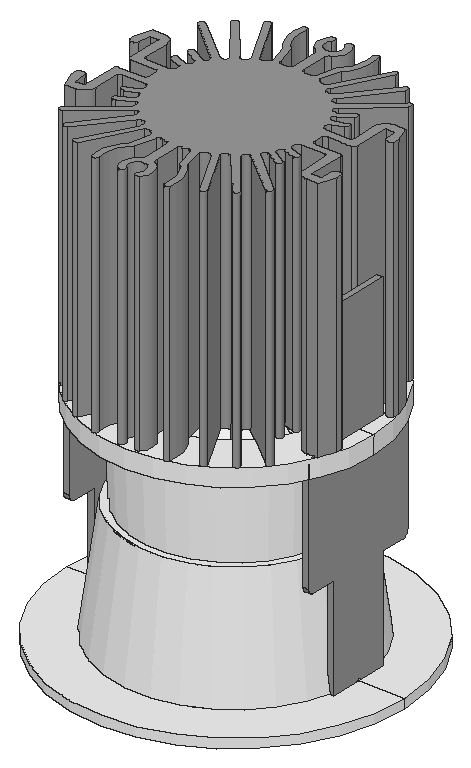
Revit family "Artemide_Everything_55", category Lighting Fixtures, Revit 2018 (continued)
Types (72, lengths in mm): name | Wattage | V_Square | V_Round | Radius_RoundVoidReal | Photometric Web File | built-in parameter 1150142 | M_Louvre | M_HousingLed | built-in parameter 1150105 | Lumens | built-in parameter 1150107 | built-in parameter 1150106 | Product Model Number | Overall Width | Overall Height | Output Lumens Direct light | Input Lumens Direct light | Initial Lumens | IES Files  | Housing Colour  | Face Shape | Efficiency | built-in parameter 1150104 | Distance_SquareVoidReal | Cut Out Length | Colour Temperature | Angle_LightReal | Angle_LightRange | Angle_Light | Adjustable
  Everything_55_Square_20°_3000K_Silver_NL4203418K002 | 6.4 W | yes | no | 0.3 | "NL4203418K002.IES" | "IESNA:LM-63-2002\r\n[TEST] FTS1500301\r\n[TESTLAB] ARTEMIDE\r\n[TESTDATE] 17 Feb 2015\r\n[ISSUEDATE] 17 Feb 2015\r\n[MANUFAC] ARTEMIDE\r\n[LUMCAT] NL4203418K002\r\n[LUMINAIRE] Everything 55 square 20° - cornice grigia - 3000K\r\n[FLASHAREA] 0.000233\r\n[LAMPCAT] 3000K - Imax=7991 cd/klm - LED Flux=566 lm - LED Power=6.4 W - Eff=84 % - EfcLED=89 lm/W - EfcLum=75 lm/W - Ra=80 min - SDCM=2 - Life=L70(6K)>51,400 ore\r\n[LAMP] 3000K - Imax=7991 cd/klm - LED Flux=566 lm - LED Power=6.4 W - Eff=84 % - EfcLED=89 lm/W - EfcLum=75 lm/W - Ra=80 min - SDCM=2 - Life=L70(6K)>51,400 ore\r\nTILT=NONE\r\n1 476.00 1.0 91 1 1 2 -0.035 -0.035 0.000\r\n1.00 1.00 6.40\r\n0.00 1.00 2.00 3.00 4.00 5.00 6.00 7.00 8.00 9.00 10.00 \r\n11.00 12.00 13.00 14.00 15.00 16.00 17.00 18.00 19.00 \r\n20.00 21.00 22.00 23.00 24.00 25.00 26.00 27.00 28.00 \r\n29.00 30.00 31.00 32.00 33.00 34.00 35.00 36.00 37.00 \r\n38.00 39.00 40.00 41.00 42.00 43.00 44.00 45.00 46.00 \r\n47.00 48.00 49.00 50.00 51.00 52.00 53.00 54.00 55.00 \r\n56.00 57.00 58.00 59.00 60.00 61.00 62.00 63.00 64.00 \r\n65.00 66.00 67.00 68.00 69.00 70.00 71.00 72.00 73.00 \r\n74.00 75.00 76.00 77.00 78.00 79.00 80.00 81.00 82.00 \r\n83.00 84.00 85.00 86.00 87.00 88.00 89.00 90.00 \r\n0.00 \r\n3803.93 3777.27 3690.60 3550.18 3366.44 3154.65 2923.75 \r\n2678.21 2424.20 2162.42 1899.21 1638.11 1367.87 1110.89 \r\n869.78 662.10 489.25 352.51 250.30 175.61 122.98 86.78 \r\n62.72 47.09 36.35 28.46 22.54 17.72 14.19 11.49 9.56 8.23 \r\n6.95 5.35 3.78 2.58 1.81 1.53 1.19 0.85 0.52 0.37 0.27 \r\n0.20 0.00 0.00 0.00 0.00 0.00 0.00 0.00 0.00 0.00 0.00 \r\n0.00 0.00 0.00 0.00 0.00 0.00 0.00 0.00 0.00 0.00 0.00 \r\n0.00 0.00 0.00 0.00 0.00 0.00 0.00 0.00 0.00 0.00 0.00 \r\n0.00 0.00 0.00 0.00 0.00 0.00 0.00 0.00 0.00 0.00 0.00 \r\n0.00 0.00 0.00 0.00 \r\n" | Artemide_Aluminum_BrushedSilver | Artemide_Aluminum_BrushedSilver | 40.402 (stored number, unit not read) | 507.712 lm | 3000 (stored number, unit not read) | 0.40402 (stored number, unit not read) | "NL4203418K002" | 55 | 78 | 476 | 566 | 476 | "https://www.artemide.com/product/downloadFile/2375982/ieseu/4916721" | "Silver" | "Square" | 84 | 7.37 (stored number, unit not read) | 40.48 | 78 | 3000 | 90.00° | 60.00° | 60.00° | no
  Everything_55_Square_34°_3000K_White_NL4203434K006 | 6.4 W | yes | no | 0.3 | "NL4203434K006.IES" | "IESNA:LM-63-2002\r\n[TEST] FTS1500299\r\n[TESTLAB] ARTEMIDE\r\n[TESTDATE] 17 Feb 2015\r\n[ISSUEDATE] 17 Feb 2015\r\n[MANUFAC] ARTEMIDE\r\n[LUMCAT] NL4203434K006\r\n[LUMINAIRE] Everything 55 square 34° - cornice bianca - 3000K\r\n[FLASHAREA] 0.000233\r\n[LAMPCAT] 3000K - Imax=2814 cd/klm - LED Flux=566 lm - LED Power=6.4 W - Eff=78 % - EfcLED=89 lm/W - EfcLum=69 lm/W - Ra=80 min - SDCM=2 - Life=L70(6K)>51,400 ore\r\n[LAMP] 3000K - Imax=2814 cd/klm - LED Flux=566 lm - LED Power=6.4 W - Eff=78 % - EfcLED=89 lm/W - EfcLum=69 lm/W - Ra=80 min - SDCM=2 - Life=L70(6K)>51,400 ore\r\nTILT=NONE\r\n1 442.00 1.0 91 1 1 2 -0.035 -0.035 0.000\r\n1.00 1.00 6.40\r\n0.00 1.00 2.00 3.00 4.00 5.00 6.00 7.00 8.00 9.00 10.00 \r\n11.00 12.00 13.00 14.00 15.00 16.00 17.00 18.00 19.00 \r\n20.00 21.00 22.00 23.00 24.00 25.00 26.00 27.00 28.00 \r\n29.00 30.00 31.00 32.00 33.00 34.00 35.00 36.00 37.00 \r\n38.00 39.00 40.00 41.00 42.00 43.00 44.00 45.00 46.00 \r\n47.00 48.00 49.00 50.00 51.00 52.00 53.00 54.00 55.00 \r\n56.00 57.00 58.00 59.00 60.00 61.00 62.00 63.00 64.00 \r\n65.00 66.00 67.00 68.00 69.00 70.00 71.00 72.00 73.00 \r\n74.00 75.00 76.00 77.00 78.00 79.00 80.00 81.00 82.00 \r\n83.00 84.00 85.00 86.00 87.00 88.00 89.00 90.00 \r\n0.00 \r\n1243.99 1242.87 1238.08 1228.38 1213.95 1194.58 1170.39 \r\n1140.32 1105.03 1064.11 1019.34 969.89 916.44 859.74 \r\n801.23 742.10 682.13 623.41 569.35 516.57 464.71 415.54 \r\n366.89 321.28 276.77 235.06 196.46 161.39 126.29 92.87 \r\n69.95 55.58 45.06 37.14 30.36 24.91 19.99 15.84 12.47 \r\n9.75 7.84 6.72 5.96 5.20 4.84 4.48 4.30 4.12 3.81 3.51 \r\n3.27 3.03 2.99 2.95 2.91 2.83 2.51 2.06 1.78 1.49 1.33 \r\n1.13 0.99 0.00 0.00 0.00 0.00 0.00 0.00 0.00 0.00 0.00 \r\n0.00 0.00 0.00 0.00 0.00 0.00 0.00 0.00 0.00 0.00 0.00 \r\n0.00 0.00 0.00 0.00 0.00 0.00 0.00 0.00 \r\n" | Artemide_Aluminum_White | Artemide_Aluminum_White | 37.52 (stored number, unit not read) | 471.488 lm | 3000 (stored number, unit not read) | 0.3752 (stored number, unit not read) | "NL4203434K006" | 55 | 78 | 442 | 566 | 442 | "https://www.artemide.com/product/downloadFile/2376456/ieseu/4916934" | "White" | "Square" | 78 | 6.8442 (stored number, unit not read) | 40.48 | 78 | 3000 | 90.00° | 60.00° | 60.00° | no
  Everything_55_Square_34°_3000K_Black_NL4203434K004 | 6.4 W | yes | no | 0.3 | "NL4203434K004.IES" | "IESNA:LM-63-2002\r\n[TEST] FTS1500307\r\n[TESTLAB] ARTEMIDE\r\n[TESTDATE] 16 Feb 2015\r\n[ISSUEDATE] 16 Feb 2015\r\n[MANUFAC] ARTEMIDE\r\n[LUMCAT] NL4203434K004\r\n[LUMINAIRE] Everything 55 square 34° - cornice nera - 3000K\r\n[FLASHAREA] 0.000233\r\n[LAMPCAT] 3000K - Imax=2862 cd/klm - LED Flux=566 lm - LED Power=6.4 W - Eff=75 % - EfcLED=89 lm/W - EfcLum=69 lm/W - Ra=80 min - SDCM=2 - Life=L70(6K)>51,400 ore\r\n[LAMP] 3000K - Imax=2862 cd/klm - LED Flux=566 lm - LED Power=6.4 W - Eff=75 % - EfcLED=89 lm/W - EfcLum=69 lm/W - Ra=80 min - SDCM=2 - Life=L70(6K)>51,400 ore\r\nTILT=NONE\r\n1 425.00 1.0 91 1 1 2 -0.035 -0.035 0.000\r\n1.00 1.00 6.40\r\n0.00 1.00 2.00 3.00 4.00 5.00 6.00 7.00 8.00 9.00 10.00 \r\n11.00 12.00 13.00 14.00 15.00 16.00 17.00 18.00 19.00 \r\n20.00 21.00 22.00 23.00 24.00 25.00 26.00 27.00 28.00 \r\n29.00 30.00 31.00 32.00 33.00 34.00 35.00 36.00 37.00 \r\n38.00 39.00 40.00 41.00 42.00 43.00 44.00 45.00 46.00 \r\n47.00 48.00 49.00 50.00 51.00 52.00 53.00 54.00 55.00 \r\n56.00 57.00 58.00 59.00 60.00 61.00 62.00 63.00 64.00 \r\n65.00 66.00 67.00 68.00 69.00 70.00 71.00 72.00 73.00 \r\n74.00 75.00 76.00 77.00 78.00 79.00 80.00 81.00 82.00 \r\n83.00 84.00 85.00 86.00 87.00 88.00 89.00 90.00 \r\n0.00 \r\n1216.37 1213.87 1211.37 1203.20 1190.75 1173.50 1151.49 \r\n1123.39 1089.81 1050.01 1005.91 957.51 904.01 848.38 \r\n789.52 729.84 670.82 613.28 558.60 505.86 455.53 406.40 \r\n358.19 313.14 268.91 227.31 188.89 153.11 116.57 85.09 \r\n63.89 50.28 40.45 32.52 26.01 20.55 15.74 11.75 8.40 5.84 \r\n4.00 2.96 1.93 1.43 0.84 0.25 0.12 0.06 0.00 0.00 0.00 \r\n0.00 0.00 0.00 0.00 0.00 0.00 0.00 0.00 0.00 0.00 0.00 \r\n0.00 0.00 0.00 0.00 0.00 0.00 0.00 0.00 0.00 0.00 0.00 \r\n0.00 0.00 0.00 0.00 0.00 0.00 0.00 0.00 0.00 0.00 0.00 \r\n0.00 0.00 0.00 0.00 0.00 0.00 0.00 \r\n" | Artemide_Aluminum_Black | Artemide_Aluminum_Black | 37.52 (stored number, unit not read) | 471.488 lm | 3000 (stored number, unit not read) | 0.3752 (stored number, unit not read) | "NL4203434K004" | 55 | 78 | 425 | 566 | 425 | "https://www.artemide.com/product/downloadFile/2376688/ieseu/4916749" | "Black" | "Square" | 78 | 6.8442 (stored number, unit not read) | 40.48 | 78 | 3000 | 90.00° | 60.00° | 60.00° | no
  Everything_55_Square_34°_3000K_Silver_NL4203434K002 | 6.4 W | yes | no | 0.3 | "NL4203434K002.IES" | "IESNA:LM-63-2002\r\n[TEST] FTS1500303\r\n[TESTLAB] ARTEMIDE\r\n[TESTDATE] 17 Feb 2015\r\n[ISSUEDATE] 17 Feb 2015\r\n[MANUFAC] ARTEMIDE\r\n[LUMCAT] NL4203434K002\r\n[LUMINAIRE] Everything 55 square 34° - cornice grigia - 3000K\r\n[FLASHAREA] 0.000233\r\n[LAMPCAT] 3000K - Imax=2846 cd/klm - LED Flux=566 lm - LED Power=6.4 W - Eff=77 % - EfcLED=89 lm/W - EfcLum=69 lm/W - Ra=80 min - SDCM=2 - Life=L70(6K)>51,400 ore\r\n[LAMP] 3000K - Imax=2846 cd/klm - LED Flux=566 lm - LED Power=6.4 W - Eff=77 % - EfcLED=89 lm/W - EfcLum=69 lm/W - Ra=80 min - SDCM=2 - Life=L70(6K)>51,400 ore\r\nTILT=NONE\r\n1 436.00 1.0 91 1 1 2 -0.035 -0.035 0.000\r\n1.00 1.00 6.40\r\n0.00 1.00 2.00 3.00 4.00 5.00 6.00 7.00 8.00 9.00 10.00 \r\n11.00 12.00 13.00 14.00 15.00 16.00 17.00 18.00 19.00 \r\n20.00 21.00 22.00 23.00 24.00 25.00 26.00 27.00 28.00 \r\n29.00 30.00 31.00 32.00 33.00 34.00 35.00 36.00 37.00 \r\n38.00 39.00 40.00 41.00 42.00 43.00 44.00 45.00 46.00 \r\n47.00 48.00 49.00 50.00 51.00 52.00 53.00 54.00 55.00 \r\n56.00 57.00 58.00 59.00 60.00 61.00 62.00 63.00 64.00 \r\n65.00 66.00 67.00 68.00 69.00 70.00 71.00 72.00 73.00 \r\n74.00 75.00 76.00 77.00 78.00 79.00 80.00 81.00 82.00 \r\n83.00 84.00 85.00 86.00 87.00 88.00 89.00 90.00 \r\n0.00 \r\n1240.95 1240.02 1234.86 1225.15 1210.71 1191.73 1167.39 \r\n1137.35 1102.31 1060.95 1015.93 966.51 912.77 856.31 \r\n796.79 736.59 678.55 620.93 565.45 512.44 462.16 412.85 \r\n364.37 319.29 275.00 233.40 195.04 156.43 119.09 89.05 \r\n67.78 54.33 44.26 36.34 29.67 24.05 19.21 15.18 11.64 \r\n9.00 7.01 5.73 4.62 4.16 3.71 3.35 3.15 2.86 2.58 2.22 \r\n1.91 1.70 1.49 1.38 1.27 0.99 0.65 0.00 0.00 0.00 0.00 \r\n0.00 0.00 0.00 0.00 0.00 0.00 0.00 0.00 0.00 0.00 0.00 \r\n0.00 0.00 0.00 0.00 0.00 0.00 0.00 0.00 0.00 0.00 0.00 \r\n0.00 0.00 0.00 0.00 0.00 0.00 0.00 0.00 \r\n" | Artemide_Aluminum_BrushedSilver | Artemide_Aluminum_BrushedSilver | 37.52 (stored number, unit not read) | 471.488 lm | 3000 (stored number, unit not read) | 0.3752 (stored number, unit not read) | "NL4203434K002" | 55 | 78 | 436 | 566 | 436 | "https://www.artemide.com/product/downloadFile/2376809/ieseu/4916687" | "Silver" | "Square" | 78 | 6.8442 (stored number, unit not read) | 40.48 | 78 | 3000 | 90.00° | 60.00° | 60.00° | no
  Everything_55_Square_Adj_20°_3000K_White_NL4203218K006 | 6.4 W | yes | no | 0.3 | "NL4203218K006.IES" | "IESNA:LM-63-2002\r\n[TEST] FTS1500321\r\n[TESTLAB] ARTEMIDE\r\n[TESTDATE] 17 Feb 2015\r\n[ISSUEDATE] 17 Feb 2015\r\n[MANUFAC] ARTEMIDE\r\n[LUMCAT] NL4203218K006\r\n[LUMINAIRE] Everything 55 square adjustable 20° - cornice bianca - 3000K\r\n[FLASHAREA] 0.000233\r\n[LAMPCAT] 3000K - Imax=8058 cd/klm - LED Flux=566 lm - LED Power=6.4 W - Eff=84 % - EfcLED=89 lm/W - EfcLum=75 lm/W - Ra=80 min - SDCM=2 - Life=L70(6K)>51,400 ore\r\n[LAMP] 3000K - Imax=8058 cd/klm - LED Flux=566 lm - LED Power=6.4 W - Eff=84 % - EfcLED=89 lm/W - EfcLum=75 lm/W - Ra=80 min - SDCM=2 - Life=L70(6K)>51,400 ore\r\nTILT=NONE\r\n1 476.00 1.0 91 1 1 2 -0.035 -0.035 0.000\r\n1.00 1.00 6.40\r\n0.00 1.00 2.00 3.00 4.00 5.00 6.00 7.00 8.00 9.00 10.00 \r\n11.00 12.00 13.00 14.00 15.00 16.00 17.00 18.00 19.00 \r\n20.00 21.00 22.00 23.00 24.00 25.00 26.00 27.00 28.00 \r\n29.00 30.00 31.00 32.00 33.00 34.00 35.00 36.00 37.00 \r\n38.00 39.00 40.00 41.00 42.00 43.00 44.00 45.00 46.00 \r\n47.00 48.00 49.00 50.00 51.00 52.00 53.00 54.00 55.00 \r\n56.00 57.00 58.00 59.00 60.00 61.00 62.00 63.00 64.00 \r\n65.00 66.00 67.00 68.00 69.00 70.00 71.00 72.00 73.00 \r\n74.00 75.00 76.00 77.00 78.00 79.00 80.00 81.00 82.00 \r\n83.00 84.00 85.00 86.00 87.00 88.00 89.00 90.00 \r\n0.00 \r\n3835.70 3811.54 3722.97 3579.25 3390.25 3174.12 2937.36 \r\n2687.47 2432.02 2169.98 1904.67 1634.92 1363.71 1105.36 \r\n867.10 658.58 485.13 347.55 245.55 171.43 120.13 84.52 \r\n61.07 45.79 35.35 27.74 21.95 17.26 13.97 11.31 9.45 8.19 \r\n6.85 5.52 3.76 2.54 2.07 1.80 1.57 1.29 1.02 0.77 0.62 \r\n0.00 0.00 0.00 0.00 0.00 0.00 0.00 0.00 0.00 0.00 0.00 \r\n0.00 0.00 0.00 0.00 0.00 0.00 0.00 0.00 0.00 0.00 0.00 \r\n0.00 0.00 0.00 0.00 0.00 0.00 0.00 0.00 0.00 0.00 0.00 \r\n0.00 0.00 0.00 0.00 0.00 0.00 0.00 0.00 0.00 0.00 0.00 \r\n0.00 0.00 0.00 0.00 \r\n" | Artemide_Aluminum_White | Artemide_Aluminum_White | 40.402 (stored number, unit not read) | 507.712 lm | 3000 (stored number, unit not read) | 0.40402 (stored number, unit not read) | "NL4203218K006" | 55 | 82 | 476 | 566 | 476 | "https://www.artemide.com/product/downloadFile/2377283/ieseu/4917180" | "White" | "Square" | 84 | 7.37 (stored number, unit not read) | 40.48 | 82 | 3000 | 60.00° | 60.00° | 60.00° | yes
  Everything_55_Square_Adj_20°_3000K_Black_NL4203218K004 | 6.4 W | yes | no | 0.3 | "NL4203218K004.IES" | "IESNA:LM-63-2002\r\n[TEST] FTS1500329\r\n[TESTLAB] ARTEMIDE\r\n[TESTDATE] 17 Feb 2015\r\n[ISSUEDATE] 17 Feb 2015\r\n[MANUFAC] ARTEMIDE\r\n[LUMCAT] NL4203218K004\r\n[LUMINAIRE] Everything 55 square adjustable 20° - cornice nera - 3000K\r\n[FLASHAREA] 0.000233\r\n[LAMPCAT] 3000K - Imax=7992 cd/klm - LED Flux=566 lm - LED Power=6.4 W - Eff=84 % - EfcLED=89 lm/W - EfcLum=75 lm/W - Ra=80 min - SDCM=2 - Life=L70(6K)>51,400 ore\r\n[LAMP] 3000K - Imax=7992 cd/klm - LED Flux=566 lm - LED Power=6.4 W - Eff=84 % - EfcLED=89 lm/W - EfcLum=75 lm/W - Ra=80 min - SDCM=2 - Life=L70(6K)>51,400 ore\r\nTILT=NONE\r\n1 476.00 1.0 91 1 1 2 -0.035 -0.035 0.000\r\n1.00 1.00 6.40\r\n0.00 1.00 2.00 3.00 4.00 5.00 6.00 7.00 8.00 9.00 10.00 \r\n11.00 12.00 13.00 14.00 15.00 16.00 17.00 18.00 19.00 \r\n20.00 21.00 22.00 23.00 24.00 25.00 26.00 27.00 28.00 \r\n29.00 30.00 31.00 32.00 33.00 34.00 35.00 36.00 37.00 \r\n38.00 39.00 40.00 41.00 42.00 43.00 44.00 45.00 46.00 \r\n47.00 48.00 49.00 50.00 51.00 52.00 53.00 54.00 55.00 \r\n56.00 57.00 58.00 59.00 60.00 61.00 62.00 63.00 64.00 \r\n65.00 66.00 67.00 68.00 69.00 70.00 71.00 72.00 73.00 \r\n74.00 75.00 76.00 77.00 78.00 79.00 80.00 81.00 82.00 \r\n83.00 84.00 85.00 86.00 87.00 88.00 89.00 90.00 \r\n0.00 \r\n3804.41 3779.31 3694.65 3555.82 3372.96 3163.70 2936.04 \r\n2691.09 2438.59 2176.71 1913.39 1645.46 1372.95 1115.63 \r\n874.60 665.28 491.52 352.56 249.13 173.83 121.32 85.07 \r\n60.84 45.29 34.43 26.66 20.72 15.85 12.46 9.87 7.98 6.60 \r\n5.31 3.63 2.13 0.79 0.41 0.20 0.10 0.00 0.00 0.00 0.00 \r\n0.00 0.00 0.00 0.00 0.00 0.00 0.00 0.00 0.00 0.00 0.00 \r\n0.00 0.00 0.00 0.00 0.00 0.00 0.00 0.00 0.00 0.00 0.00 \r\n0.00 0.00 0.00 0.00 0.00 0.00 0.00 0.00 0.00 0.00 0.00 \r\n0.00 0.00 0.00 0.00 0.00 0.00 0.00 0.00 0.00 0.00 0.00 \r\n0.00 0.00 0.00 0.00 \r\n" | Artemide_Aluminum_Black | Artemide_Aluminum_Black | 40.402 (stored number, unit not read) | 507.712 lm | 3000 (stored number, unit not read) | 0.40402 (stored number, unit not read) | "NL4203218K004" | 55 | 82 | 476 | 566 | 476 | "https://www.artemide.com/product/downloadFile/2377412/ieseu/4916503" | "Black" | "Square" | 84 | 7.37 (stored number, unit not read) | 40.48 | 82 | 3000 | 60.00° | 60.00° | 60.00° | yes
  Everything_55_Square_Adj_20°_3000K_Silver_NL4203218K002 | 6.4 W | yes | no | 0.3 | "NL4203218K002.IES" | "IESNA:LM-63-2002\r\n[TEST] FTS1500325\r\n[TESTLAB] ARTEMIDE\r\n[TESTDATE] 17 Feb 2015\r\n[ISSUEDATE] 17 Feb 2015\r\n[MANUFAC] ARTEMIDE\r\n[LUMCAT] NL4203218K002\r\n[LUMINAIRE] Everything 55 square adjustable 20° - cornice grigia - 3000K\r\n[FLASHAREA] 0.000233\r\n[LAMPCAT] 3000K - Imax=7991 cd/klm - LED Flux=566 lm - LED Power=6.4 W - Eff=84 % - EfcLED=89 lm/W - EfcLum=75 lm/W - Ra=80 min - SDCM=2 - Life=L70(6K)>51,400 ore\r\n[LAMP] 3000K - Imax=7991 cd/klm - LED Flux=566 lm - LED Power=6.4 W - Eff=84 % - EfcLED=89 lm/W - EfcLum=75 lm/W - Ra=80 min - SDCM=2 - Life=L70(6K)>51,400 ore\r\nTILT=NONE\r\n1 476.00 1.0 91 1 1 2 -0.035 -0.035 0.000\r\n1.00 1.00 6.40\r\n0.00 1.00 2.00 3.00 4.00 5.00 6.00 7.00 8.00 9.00 10.00 \r\n11.00 12.00 13.00 14.00 15.00 16.00 17.00 18.00 19.00 \r\n20.00 21.00 22.00 23.00 24.00 25.00 26.00 27.00 28.00 \r\n29.00 30.00 31.00 32.00 33.00 34.00 35.00 36.00 37.00 \r\n38.00 39.00 40.00 41.00 42.00 43.00 44.00 45.00 46.00 \r\n47.00 48.00 49.00 50.00 51.00 52.00 53.00 54.00 55.00 \r\n56.00 57.00 58.00 59.00 60.00 61.00 62.00 63.00 64.00 \r\n65.00 66.00 67.00 68.00 69.00 70.00 71.00 72.00 73.00 \r\n74.00 75.00 76.00 77.00 78.00 79.00 80.00 81.00 82.00 \r\n83.00 84.00 85.00 86.00 87.00 88.00 89.00 90.00 \r\n0.00 \r\n3803.93 3777.27 3690.60 3550.18 3366.44 3154.65 2923.75 \r\n2678.21 2424.20 2162.42 1899.21 1638.11 1367.87 1110.89 \r\n869.78 662.10 489.25 352.51 250.30 175.61 122.98 86.78 \r\n62.72 47.09 36.35 28.46 22.54 17.72 14.19 11.49 9.56 8.23 \r\n6.95 5.35 3.78 2.58 1.81 1.53 1.19 0.85 0.52 0.37 0.27 \r\n0.20 0.00 0.00 0.00 0.00 0.00 0.00 0.00 0.00 0.00 0.00 \r\n0.00 0.00 0.00 0.00 0.00 0.00 0.00 0.00 0.00 0.00 0.00 \r\n0.00 0.00 0.00 0.00 0.00 0.00 0.00 0.00 0.00 0.00 0.00 \r\n0.00 0.00 0.00 0.00 0.00 0.00 0.00 0.00 0.00 0.00 0.00 \r\n0.00 0.00 0.00 0.00 \r\n" | Artemide_Aluminum_BrushedSilver | Artemide_Aluminum_BrushedSilver | 40.402 (stored number, unit not read) | 507.712 lm | 3000 (stored number, unit not read) | 0.40402 (stored number, unit not read) | "NL4203218K002" | 55 | 82 | 476 | 566 | 476 | "https://www.artemide.com/product/downloadFile/2377533/ieseu/4916561" | "Silver" | "Square" | 84 | 7.37 (stored number, unit not read) | 40.48 | 82 | 3000 | 60.00° | 60.00° | 60.00° | yes
  Everything_55_Square_Adj_34°_3000K_White_NL4203234K006 | 6.4 W | yes | no | 0.3 | "NL4203234K006.IES" | "IESNA:LM-63-2002\r\n[TEST] FTS1500323\r\n[TESTLAB] ARTEMIDE\r\n[TESTDATE] 17 Feb 2015\r\n[ISSUEDATE] 17 Feb 2015\r\n[MANUFAC] ARTEMIDE\r\n[LUMCAT] NL4203234K006\r\n[LUMINAIRE] Everything 55 square adjustable 34° - cornice bianca - 3000K\r\n[FLASHAREA] 0.000233\r\n[LAMPCAT] 3000K - Imax=2814 cd/klm - LED Flux=566 lm - LED Power=6.4 W - Eff=78 % - EfcLED=89 lm/W - EfcLum=69 lm/W - Ra=80 min - SDCM=2 - Life=L70(6K)>51,400 ore\r\n[LAMP] 3000K - Imax=2814 cd/klm - LED Flux=566 lm - LED Power=6.4 W - Eff=78 % - EfcLED=89 lm/W - EfcLum=69 lm/W - Ra=80 min - SDCM=2 - Life=L70(6K)>51,400 ore\r\nTILT=NONE\r\n1 442.00 1.0 91 1 1 2 -0.035 -0.035 0.000\r\n1.00 1.00 6.40\r\n0.00 1.00 2.00 3.00 4.00 5.00 6.00 7.00 8.00 9.00 10.00 \r\n11.00 12.00 13.00 14.00 15.00 16.00 17.00 18.00 19.00 \r\n20.00 21.00 22.00 23.00 24.00 25.00 26.00 27.00 28.00 \r\n29.00 30.00 31.00 32.00 33.00 34.00 35.00 36.00 37.00 \r\n38.00 39.00 40.00 41.00 42.00 43.00 44.00 45.00 46.00 \r\n47.00 48.00 49.00 50.00 51.00 52.00 53.00 54.00 55.00 \r\n56.00 57.00 58.00 59.00 60.00 61.00 62.00 63.00 64.00 \r\n65.00 66.00 67.00 68.00 69.00 70.00 71.00 72.00 73.00 \r\n74.00 75.00 76.00 77.00 78.00 79.00 80.00 81.00 82.00 \r\n83.00 84.00 85.00 86.00 87.00 88.00 89.00 90.00 \r\n0.00 \r\n1243.99 1242.87 1238.08 1228.38 1213.95 1194.58 1170.39 \r\n1140.32 1105.03 1064.11 1019.34 969.89 916.44 859.74 \r\n801.23 742.10 682.13 623.41 569.35 516.57 464.71 415.54 \r\n366.89 321.28 276.77 235.06 196.46 161.39 126.29 92.87 \r\n69.95 55.58 45.06 37.14 30.36 24.91 19.99 15.84 12.47 \r\n9.75 7.84 6.72 5.96 5.20 4.84 4.48 4.30 4.12 3.81 3.51 \r\n3.27 3.03 2.99 2.95 2.91 2.83 2.51 2.06 1.78 1.49 1.33 \r\n1.13 0.99 0.00 0.00 0.00 0.00 0.00 0.00 0.00 0.00 0.00 \r\n0.00 0.00 0.00 0.00 0.00 0.00 0.00 0.00 0.00 0.00 0.00 \r\n0.00 0.00 0.00 0.00 0.00 0.00 0.00 0.00 \r\n" | Artemide_Aluminum_White | Artemide_Aluminum_White | 37.52 (stored number, unit not read) | 471.488 lm | 3000 (stored number, unit not read) | 0.3752 (stored number, unit not read) | "NL4203234K006" | 55 | 82 | 442 | 566 | 442 | "https://www.artemide.com/product/downloadFile/2378025/ieseu/4917142" | "White" | "Square" | 78 | 6.8442 (stored number, unit not read) | 40.48 | 82 | 3000 | 60.00° | 60.00° | 60.00° | yes
  Everything_55_Square_Adj_34°_3000K_Silver_NL4203234K002 | 6.4 W | yes | no | 0.3 | "NL4203234K002.IES" | "IESNA:LM-63-2002\r\n[TEST] FTS1500327\r\n[TESTLAB] ARTEMIDE\r\n[TESTDATE] 17 Feb 2015\r\n[ISSUEDATE] 17 Feb 2015\r\n[MANUFAC] ARTEMIDE\r\n[LUMCAT] NL4203234K002\r\n[LUMINAIRE] Everything 55 square adjustable 34° - cornice grigia - 3000K\r\n[FLASHAREA] 0.000233\r\n[LAMPCAT] 3000K - Imax=2846 cd/klm - LED Flux=566 lm - LED Power=6.4 W - Eff=77 % - EfcLED=89 lm/W - EfcLum=69 lm/W - Ra=80 min - SDCM=2 - Life=L70(6K)>51,400 ore\r\n[LAMP] 3000K - Imax=2846 cd/klm - LED Flux=566 lm - LED Power=6.4 W - Eff=77 % - EfcLED=89 lm/W - EfcLum=69 lm/W - Ra=80 min - SDCM=2 - Life=L70(6K)>51,400 ore\r\nTILT=NONE\r\n1 436.00 1.0 91 1 1 2 -0.035 -0.035 0.000\r\n1.00 1.00 6.40\r\n0.00 1.00 2.00 3.00 4.00 5.00 6.00 7.00 8.00 9.00 10.00 \r\n11.00 12.00 13.00 14.00 15.00 16.00 17.00 18.00 19.00 \r\n20.00 21.00 22.00 23.00 24.00 25.00 26.00 27.00 28.00 \r\n29.00 30.00 31.00 32.00 33.00 34.00 35.00 36.00 37.00 \r\n38.00 39.00 40.00 41.00 42.00 43.00 44.00 45.00 46.00 \r\n47.00 48.00 49.00 50.00 51.00 52.00 53.00 54.00 55.00 \r\n56.00 57.00 58.00 59.00 60.00 61.00 62.00 63.00 64.00 \r\n65.00 66.00 67.00 68.00 69.00 70.00 71.00 72.00 73.00 \r\n74.00 75.00 76.00 77.00 78.00 79.00 80.00 81.00 82.00 \r\n83.00 84.00 85.00 86.00 87.00 88.00 89.00 90.00 \r\n0.00 \r\n1240.95 1240.02 1234.86 1225.15 1210.71 1191.73 1167.39 \r\n1137.35 1102.31 1060.95 1015.93 966.51 912.77 856.31 \r\n796.79 736.59 678.55 620.93 565.45 512.44 462.16 412.85 \r\n364.37 319.29 275.00 233.40 195.04 156.43 119.09 89.05 \r\n67.78 54.33 44.26 36.34 29.67 24.05 19.21 15.18 11.64 \r\n9.00 7.01 5.73 4.62 4.16 3.71 3.35 3.15 2.86 2.58 2.22 \r\n1.91 1.70 1.49 1.38 1.27 0.99 0.65 0.00 0.00 0.00 0.00 \r\n0.00 0.00 0.00 0.00 0.00 0.00 0.00 0.00 0.00 0.00 0.00 \r\n0.00 0.00 0.00 0.00 0.00 0.00 0.00 0.00 0.00 0.00 0.00 \r\n0.00 0.00 0.00 0.00 0.00 0.00 0.00 0.00 \r\n" | Artemide_Aluminum_BrushedSilver | Artemide_Aluminum_BrushedSilver | 37.52 (stored number, unit not read) | 471.488 lm | 3000 (stored number, unit not read) | 0.3752 (stored number, unit not read) | "NL4203234K002" | 55 | 82 | 436 | 566 | 436 | "https://www.artemide.com/product/downloadFile/2378136/ieseu/4916834" | "Black" | "Square" | 78 | 6.8442 (stored number, unit not read) | 40.48 | 82 | 3000 | 60.00° | 60.00° | 60.00° | yes
  Everything_55_Square_Adj_34°_3000K_Black_NL4203234K004 | 6.4 W | yes | no | 0.3 | "NL4203234K004.IES" | "IESNA:LM-63-2002\r\n[TEST] FTS1500331\r\n[TESTLAB] ARTEMIDE\r\n[TESTDATE] 16 Feb 2015\r\n[ISSUEDATE] 16 Feb 2015\r\n[MANUFAC] ARTEMIDE\r\n[LUMCAT] NL4203234K004\r\n[LUMINAIRE] Everything 55 square adjustable 34° - cornice nera - 3000K\r\n[FLASHAREA] 0.000233\r\n[LAMPCAT] 3000K - Imax=2862 cd/klm - LED Flux=566 lm - LED Power=6.4 W - Eff=75 % - EfcLED=89 lm/W - EfcLum=69 lm/W - Ra=80 min - SDCM=2 - Life=L70(6K)>51,400 ore\r\n[LAMP] 3000K - Imax=2862 cd/klm - LED Flux=566 lm - LED Power=6.4 W - Eff=75 % - EfcLED=89 lm/W - EfcLum=69 lm/W - Ra=80 min - SDCM=2 - Life=L70(6K)>51,400 ore\r\nTILT=NONE\r\n1 425.00 1.0 91 1 1 2 -0.035 -0.035 0.000\r\n1.00 1.00 6.40\r\n0.00 1.00 2.00 3.00 4.00 5.00 6.00 7.00 8.00 9.00 10.00 \r\n11.00 12.00 13.00 14.00 15.00 16.00 17.00 18.00 19.00 \r\n20.00 21.00 22.00 23.00 24.00 25.00 26.00 27.00 28.00 \r\n29.00 30.00 31.00 32.00 33.00 34.00 35.00 36.00 37.00 \r\n38.00 39.00 40.00 41.00 42.00 43.00 44.00 45.00 46.00 \r\n47.00 48.00 49.00 50.00 51.00 52.00 53.00 54.00 55.00 \r\n56.00 57.00 58.00 59.00 60.00 61.00 62.00 63.00 64.00 \r\n65.00 66.00 67.00 68.00 69.00 70.00 71.00 72.00 73.00 \r\n74.00 75.00 76.00 77.00 78.00 79.00 80.00 81.00 82.00 \r\n83.00 84.00 85.00 86.00 87.00 88.00 89.00 90.00 \r\n0.00 \r\n1216.37 1213.87 1211.37 1203.20 1190.75 1173.50 1151.49 \r\n1123.39 1089.81 1050.01 1005.91 957.51 904.01 848.38 \r\n789.52 729.84 670.82 613.28 558.60 505.86 455.53 406.40 \r\n358.19 313.14 268.91 227.31 188.89 153.11 116.57 85.09 \r\n63.89 50.28 40.45 32.52 26.01 20.55 15.74 11.75 8.40 5.84 \r\n4.00 2.96 1.93 1.43 0.84 0.25 0.12 0.06 0.00 0.00 0.00 \r\n0.00 0.00 0.00 0.00 0.00 0.00 0.00 0.00 0.00 0.00 0.00 \r\n0.00 0.00 0.00 0.00 0.00 0.00 0.00 0.00 0.00 0.00 0.00 \r\n0.00 0.00 0.00 0.00 0.00 0.00 0.00 0.00 0.00 0.00 0.00 \r\n0.00 0.00 0.00 0.00 0.00 0.00 0.00 \r\n" | Artemide_Aluminum_Black | Artemide_Aluminum_Black | 36.073 (stored number, unit not read) | 453.312 lm | 3000 (stored number, unit not read) | 0.36073 (stored number, unit not read) | "NL4203234K004" | 55 | 82 | 425 | 566 | 425 | "https://www.artemide.com/product/downloadFile/2378247/ieseu/4916724" | "Silver" | "Square" | 75 | 6.5803 (stored number, unit not read) | 40.48 | 82 | 3000 | 60.00° | 60.00° | 60.00° | yes
  Everything_55_Square_20°_3000K_White_NL4204218K006 | 8.5 W | yes | no | 0.3 | "NL4204218K006.IES" | "IESNA:LM-63-2002\r\n[TEST] FTS1500353\r\n[TESTLAB] ARTEMIDE\r\n[TESTDATE] 17 Feb 2015\r\n[ISSUEDATE] 17 Feb 2015\r\n[MANUFAC] ARTEMIDE\r\n[LUMCAT] NL4204218K006\r\n[LUMINAIRE] Everything 55 700mA square20° - cornice bianca - 3000K\r\n[FLASHAREA] 0.000233\r\n[LAMPCAT] 3000K - Imax=8058 cd/klm - LED Flux=755 lm - LED Power=8.5 W - Eff=84 % - EfcLED=89 lm/W - EfcLum=75 lm/W - Ra=80 min - SDCM=2 - Life=L70(6K)>51,400 ore\r\n[LAMP] 3000K - Imax=8058 cd/klm - LED Flux=755 lm - LED Power=8.5 W - Eff=84 % - EfcLED=89 lm/W - EfcLum=75 lm/W - Ra=80 min - SDCM=2 - Life=L70(6K)>51,400 ore\r\nTILT=NONE\r\n1 634.00 1.0 91 1 1 2 -0.035 -0.035 0.000\r\n1.00 1.00 8.50\r\n0.00 1.00 2.00 3.00 4.00 5.00 6.00 7.00 8.00 9.00 10.00 \r\n11.00 12.00 13.00 14.00 15.00 16.00 17.00 18.00 19.00 \r\n20.00 21.00 22.00 23.00 24.00 25.00 26.00 27.00 28.00 \r\n29.00 30.00 31.00 32.00 33.00 34.00 35.00 36.00 37.00 \r\n38.00 39.00 40.00 41.00 42.00 43.00 44.00 45.00 46.00 \r\n47.00 48.00 49.00 50.00 51.00 52.00 53.00 54.00 55.00 \r\n56.00 57.00 58.00 59.00 60.00 61.00 62.00 63.00 64.00 \r\n65.00 66.00 67.00 68.00 69.00 70.00 71.00 72.00 73.00 \r\n74.00 75.00 76.00 77.00 78.00 79.00 80.00 81.00 82.00 \r\n83.00 84.00 85.00 86.00 87.00 88.00 89.00 90.00 \r\n0.00 \r\n5108.89 5076.72 4958.75 4767.33 4515.59 4227.71 3912.36 \r\n3579.53 3239.28 2890.27 2536.89 2177.61 1816.37 1472.26 \r\n1154.92 877.18 646.17 462.92 327.05 228.33 160.01 112.58 \r\n81.35 60.99 47.09 36.94 29.24 22.99 18.61 15.07 12.58 \r\n10.91 9.13 7.36 5.01 3.39 2.75 2.40 2.09 1.72 1.36 1.03 \r\n0.83 0.00 0.00 0.00 0.00 0.00 0.00 0.00 0.00 0.00 0.00 \r\n0.00 0.00 0.00 0.00 0.00 0.00 0.00 0.00 0.00 0.00 0.00 \r\n0.00 0.00 0.00 0.00 0.00 0.00 0.00 0.00 0.00 0.00 0.00 \r\n0.00 0.00 0.00 0.00 0.00 0.00 0.00 0.00 0.00 0.00 0.00 \r\n0.00 0.00 0.00 0.00 0.00 \r\n" | Artemide_Aluminum_White | Artemide_Aluminum_White | 53.605 (stored number, unit not read) | 673.625 lm | 3000 (stored number, unit not read) | 0.53605 (stored number, unit not read) | "NL4204218K006" | 55 | 98 | 634 | 755 | 634 | "https://www.artemide.com/product/downloadFile/2378860/ieseu/4916467" | "White" | "Square" | 84 | 7.3626 (stored number, unit not read) | 40.48 | 98 | 3000 | 90.00° | 60.00° | 60.00° | no
  Everything_55_Square_20°_3000K_Black_NL4204218K004 | 8.5 W | yes | no | 0.3 | "NL4204218K004.IES" | "IESNA:LM-63-2002\r\n[TEST] FTS1500361\r\n[TESTLAB] ARTEMIDE\r\n[TESTDATE] 17 Feb 2015\r\n[ISSUEDATE] 17 Feb 2015\r\n[MANUFAC] ARTEMIDE\r\n[LUMCAT] NL4204218K004\r\n[LUMINAIRE] Everything 55 700mA square20° - cornice nera - 3000K\r\n[FLASHAREA] 0.000233\r\n[LAMPCAT] 3000K - Imax=7992 cd/klm - LED Flux=755 lm - LED Power=8.5 W - Eff=84 % - EfcLED=89 lm/W - EfcLum=75 lm/W - Ra=80 min - SDCM=2 - Life=L70(6K)>51,400 ore\r\n[LAMP] 3000K - Imax=7992 cd/klm - LED Flux=755 lm - LED Power=8.5 W - Eff=84 % - EfcLED=89 lm/W - EfcLum=75 lm/W - Ra=80 min - SDCM=2 - Life=L70(6K)>51,400 ore\r\nTILT=NONE\r\n1 634.00 1.0 91 1 1 2 -0.035 -0.035 0.000\r\n1.00 1.00 8.50\r\n0.00 1.00 2.00 3.00 4.00 5.00 6.00 7.00 8.00 9.00 10.00 \r\n11.00 12.00 13.00 14.00 15.00 16.00 17.00 18.00 19.00 \r\n20.00 21.00 22.00 23.00 24.00 25.00 26.00 27.00 28.00 \r\n29.00 30.00 31.00 32.00 33.00 34.00 35.00 36.00 37.00 \r\n38.00 39.00 40.00 41.00 42.00 43.00 44.00 45.00 46.00 \r\n47.00 48.00 49.00 50.00 51.00 52.00 53.00 54.00 55.00 \r\n56.00 57.00 58.00 59.00 60.00 61.00 62.00 63.00 64.00 \r\n65.00 66.00 67.00 68.00 69.00 70.00 71.00 72.00 73.00 \r\n74.00 75.00 76.00 77.00 78.00 79.00 80.00 81.00 82.00 \r\n83.00 84.00 85.00 86.00 87.00 88.00 89.00 90.00 \r\n0.00 \r\n5067.21 5033.78 4921.03 4736.11 4492.55 4213.83 3910.61 \r\n3584.35 3248.04 2899.23 2548.50 2191.64 1828.68 1485.95 \r\n1164.91 886.11 654.67 469.59 331.83 231.54 161.59 113.31 \r\n81.03 60.32 45.86 35.50 27.60 21.12 16.59 13.15 10.62 \r\n8.79 7.07 4.83 2.83 1.06 0.54 0.27 0.14 0.00 0.00 0.00 \r\n0.00 0.00 0.00 0.00 0.00 0.00 0.00 0.00 0.00 0.00 0.00 \r\n0.00 0.00 0.00 0.00 0.00 0.00 0.00 0.00 0.00 0.00 0.00 \r\n0.00 0.00 0.00 0.00 0.00 0.00 0.00 0.00 0.00 0.00 0.00 \r\n0.00 0.00 0.00 0.00 0.00 0.00 0.00 0.00 0.00 0.00 0.00 \r\n0.00 0.00 0.00 0.00 0.00 \r\n" | Artemide_Aluminum_Black | Artemide_Aluminum_Black | 53.605 (stored number, unit not read) | 673.625 lm | 3000 (stored number, unit not read) | 0.53605 (stored number, unit not read) | "NL4204218K004" | 55 | 98 | 634 | 755 | 634 | "https://www.artemide.com/product/downloadFile/2379009/ieseu/4916560" | "Black" | "Square" | 84 | 7.3626 (stored number, unit not read) | 40.48 | 98 | 3000 | 90.00° | 60.00° | 60.00° | no
